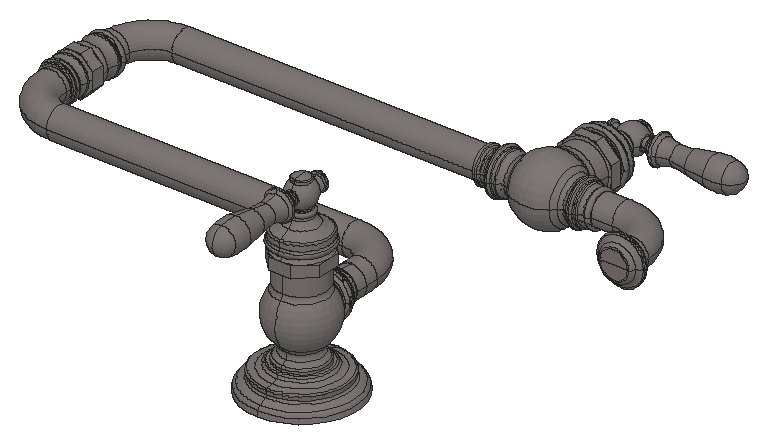
Revit family "Faucet-Wall_Mount-KOHLER-Artifacts-K-99270", category Plumbing Fixtures, host Face, Revit 2022 (continued)
Definition of nested family "K-99270"
  Lines and regions (mm)
    Masking region 3
      outline origin (0, 0, 0) x (0, 1, 0) y (0, 0, 1)
        loop
          arc (128.141, 55.537) -> (129.041, 55.292) -> (129.957, 55.114) r 12.588
          arc (129.957, 55.114) -> (130.92, 55.023) -> (131.887, 55.047) r 8.068
          arc (131.887, 55.047) -> (133.955, 56.595) -> (135.355, 58.766) r 7.311
          arc (135.355, 58.766) -> (135.537, 59.15) -> (135.932, 59.305) r 0.578
          line (135.932, 59.305) -> (136.983, 59.305)
          arc (136.983, 59.305) -> (137.363, 59.158) -> (137.547, 58.793) r 0.566
          arc (137.547, 58.793) -> (138.241, 57.33) -> (139.418, 56.218) r 4.395
          arc (139.418, 56.218) -> (140.273, 56.375) -> (141.09, 56.075) r 1.647
          arc (141.09, 56.075) -> (141.494, 55.608) -> (141.64, 55.007) r 1.312
          line (141.64, 55.007) -> (141.64, 53.806) -> (152.043, 53.806)
          arc (152.043, 53.806) -> (165.439, 64.134) -> (182.059, 60.984) r 20.648
          line (182.059, 60.984) -> (182.979, 60.984)
          arc (182.979, 60.984) -> (185.354, 59.86) -> (187.954, 59.474) r 8.951
          line (187.954, 59.474) -> (197.159, 59.474)
          arc (197.159, 59.474) -> (197.308, 60.323) -> (197.741, 61.068) r 2.456
          line (197.741, 61.068) -> (203.937, 61.068)
          arc (203.937, 61.068) -> (204.672, 60.019) -> (205.887, 59.616) r 2.035
          line (205.887, 59.616) -> (206.983, 59.616) -> (206.983, 61.265)
          arc (206.983, 61.265) -> (207.969, 62.716) -> (209.621, 62.123) r 1.433
          arc (209.621, 62.123) -> (210.152, 61.626) -> (210.856, 61.446) r 1.465
          line (210.856, 61.446) -> (214.396, 61.446)
          arc (214.396, 61.446) -> (214.906, 61.241) -> (215.132, 60.74) r 0.736
          arc (215.132, 60.74) -> (217.876, 55.494) -> (222.259, 51.514) r 16.924
          arc (222.259, 51.514) -> (222.679, 51.266) -> (223.157, 51.171) r 1.456
          arc (223.157, 51.171) -> (223.837, 51.318) -> (224.371, 51.763) r 1.456
          arc (224.371, 51.763) -> (225.726, 51.952) -> (226.465, 50.8) r 1.268
          line (226.465, 50.8) -> (226.465, 49.53) -> (227.449, 49.53)
          arc (227.449, 49.53) -> (234.66, 53.349) -> (242.175, 50.167) r 9.503
          line (242.175, 50.167) -> (243.287, 50.167)
          arc (243.287, 50.167) -> (244.031, 48.922) -> (244.586, 47.582) r 9.962
          arc (244.586, 47.582) -> (245.061, 45.221) -> (244.956, 42.815) r 9.962
          arc (244.956, 42.815) -> (244.55, 41.148) -> (243.902, 39.56) r 11.585
          arc (243.902, 39.56) -> (243.574, 39.063) -> (243.077, 38.735) r 1.491
          arc (243.077, 38.735) -> (234.449, 34.372) -> (226.465, 39.825) r 9.503
          line (226.465, 39.825) -> (226.465, 38.1)
          arc (226.465, 38.1) -> (225.726, 36.948) -> (224.371, 37.137) r 1.268
          arc (224.371, 37.137) -> (223.837, 37.582) -> (223.157, 37.729) r 1.456
          arc (223.157, 37.729) -> (222.679, 37.634) -> (222.259, 37.386) r 1.456
          arc (222.259, 37.386) -> (217.876, 33.406) -> (215.132, 28.16) r 16.924
          arc (215.132, 28.16) -> (214.939, 27.693) -> (214.491, 27.461) r 0.736
          line (214.491, 27.461) -> (211.37, 27.461)
          arc (211.37, 27.461) -> (210.392, 27.478) -> (209.621, 26.876) r 1.465
          arc (209.621, 26.876) -> (207.969, 26.284) -> (206.983, 27.734) r 1.433
          line (206.983, 27.734) -> (206.983, 29.284) -> (205.887, 29.284)
          arc (205.887, 29.284) -> (204.672, 28.881) -> (203.937, 27.832) r 2.035
          line (203.937, 27.832) -> (203.937, 26.945) -> (197.778, 26.945) -> (197.778, 27.79)
          arc (197.778, 27.79) -> (197.318, 28.551) -> (197.159, 29.426) r 2.456
          line (197.159, 29.426) -> (187.954, 29.426)
          arc (187.954, 29.426) -> (185.679, 29.132) -> (183.553, 28.269) r 8.951
          arc (183.553, 28.269) -> (166.12, 23.821) -> (151.817, 34.734) r 20.648
          line (151.817, 34.734) -> (141.64, 34.734) -> (141.64, 33)
          arc (141.64, 33) -> (140.502, 31.752) -> (138.912, 32.32) r 1.524
          arc (138.912, 32.32) -> (138.058, 31.319) -> (137.547, 30.107) r 4.317
          arc (137.547, 30.107) -> (137.4, 29.744) -> (137.04, 29.594) r 0.507
          line (137.04, 29.594) -> (135.857, 29.594)
          arc (135.857, 29.594) -> (135.488, 29.754) -> (135.355, 30.134) r 0.503
          arc (135.355, 30.134) -> (134.542, 31.624) -> (133.376, 32.857) r 6.592
          arc (133.376, 32.857) -> (131.288, 33.079) -> (129.2, 32.857) r 9.919
          arc (129.2, 32.857) -> (128.408, 32.652) -> (127.635, 32.382) r 9.919
          arc (127.635, 32.382) -> (126.064, 32.127) -> (124.532, 32.554) r 3.706
          arc (124.532, 32.554) -> (123.782, 33.037) -> (123.125, 33.638) r 5.297
          arc (123.125, 33.638) -> (122.733, 32.455) -> (122.229, 31.314) r 12.95
          line (122.229, 31.314) -> (115.024, 31.314) -> (114.129, 33.302) -> (114.039, 34.106) -> (113.147, 34.106)
          arc (113.147, 34.106) -> (113.113, 33.025) -> (112.392, 32.218) r 1.582
          arc (112.392, 32.218) -> (111.949, 32.133) -> (111.537, 32.313) r 0.758
          arc (111.537, 32.313) -> (109.53, 32.993) -> (107.412, 32.967) r 6.283
          arc (107.412, 32.967) -> (106.318, 32.713) -> (105.299, 32.239) r 5.433
          line (105.299, 32.239) -> (104.555, 31.818)
          arc (104.555, 31.818) -> (104.036, 31.865) -> (103.674, 32.24) r 0.747
          arc (103.674, 32.24) -> (103.412, 32.578) -> (103.022, 32.749) r 0.867
          line (103.022, 32.749) -> (101.449, 32.749)
          arc (101.449, 32.749) -> (101.028, 32.889) -> (100.773, 33.252) r 0.706
          line (100.773, 33.252) -> (100.773, 34.768) -> (31.558, 34.768) -> (31.558, 35.581)
          arc (31.558, 35.581) -> (31.331, 34.95) -> (30.716, 34.683) r 0.844
          line (30.716, 34.683) -> (29.9, 34.683)
          arc (29.9, 34.683) -> (29.029, 34.609) -> (28.182, 34.389) r 5.175
          arc (28.182, 34.389) -> (27.605, 34.146) -> (27.061, 33.835) r 5.175
          arc (27.061, 33.835) -> (26.356, 33.003) -> (25.691, 32.138) r 22.846
          arc (25.691, 32.138) -> (25.426, 31.804) -> (25.018, 31.677) r 0.721
          line (25.018, 31.677) -> (23.806, 31.677)
          arc (23.806, 31.677) -> (23.396, 31.539) -> (23.153, 31.181) r 0.677
          arc (23.153, 31.181) -> (22.135, 30.143) -> (20.711, 30.434) r 1.52
          arc (20.711, 30.434) -> (19.687, 31.436) -> (18.355, 31.964) r 3.63
          arc (18.355, 31.964) -> (17.425, 31.974) -> (16.543, 31.677) r 2.785
          line (16.543, 31.677) -> (15.63, 30.589)
          arc (15.63, 30.589) -> (14.437, 29.247) -> (13.168, 27.977) r 31.086
          arc (13.168, 27.977) -> (12.196, 26.681) -> (11.712, 25.134) r 4.78
          arc (11.712, 25.134) -> (11.897, 23.185) -> (12.916, 21.513) r 4.355
          arc (12.916, 21.513) -> (13.873, 20.6) -> (14.89, 19.753) r 19.503
          arc (14.89, 19.753) -> (15.304, 19.22) -> (15.412, 18.553) r 1.366
          line (15.412, 18.553) -> (15.412, 17.12) -> (17.486, 17.12)
          arc (17.486, 17.12) -> (17.955, 16.962) -> (18.235, 16.553) r 0.779
          arc (18.235, 16.553) -> (18.449, 16.061) -> (18.787, 15.645) r 1.984
          arc (18.787, 15.645) -> (20.457, 14.305) -> (22.424, 13.46) r 7.929
          arc (22.424, 13.46) -> (24.629, 12.928) -> (26.865, 12.545) r 33.832
          arc (26.865, 12.545) -> (27.388, 12.25) -> (27.566, 11.677) r 0.813
          line (27.566, 11.677) -> (27.103, 9.053)
          arc (27.103, 9.053) -> (27.297, 8.177) -> (28.053, 7.696) r 1.171
          arc (28.053, 7.696) -> (30.406, 6.641) -> (32.546, 5.205) r 15.211
          arc (32.546, 5.205) -> (33.887, 2.76) -> (34.281, 0) r 7.789
          line (34.281, 0) -> (-34.281, 0)
          arc (-34.281, 0) -> (-33.887, 2.76) -> (-32.546, 5.205) r 7.789
          arc (-32.546, 5.205) -> (-30.406, 6.641) -> (-28.053, 7.696) r 15.211
          arc (-28.053, 7.696) -> (-27.297, 8.177) -> (-27.103, 9.053) r 1.171
          line (-27.103, 9.053) -> (-27.566, 11.677)
          arc (-27.566, 11.677) -> (-27.388, 12.25) -> (-26.865, 12.545) r 0.813
          arc (-26.865, 12.545) -> (-24.629, 12.928) -> (-22.424, 13.46) r 33.832
          arc (-22.424, 13.46) -> (-20.457, 14.305) -> (-18.787, 15.645) r 7.929
          arc (-18.787, 15.645) -> (-18.449, 16.061) -> (-18.235, 16.553) r 1.984
          arc (-18.235, 16.553) -> (-17.955, 16.962) -> (-17.486, 17.12) r 0.779
          line (-17.486, 17.12) -> (-15.412, 17.12) -> (-15.412, 18.553)
          arc (-15.412, 18.553) -> (-15.304, 19.22) -> (-14.89, 19.753) r 1.366
          arc (-14.89, 19.753) -> (-13.873, 20.6) -> (-12.916, 21.513) r 19.503
          arc (-12.916, 21.513) -> (-11.897, 23.185) -> (-11.712, 25.134) r 4.355
          arc (-11.712, 25.134) -> (-12.196, 26.681) -> (-13.168, 27.977) r 4.78
          arc (-13.168, 27.977) -> (-14.437, 29.247) -> (-15.63, 30.589) r 31.086
          line (-15.63, 30.589) -> (-16.543, 31.677)
          arc (-16.543, 31.677) -> (-19.367, 36.404) -> (-20.565, 41.778) r 17.322
          arc (-20.565, 41.778) -> (-19.553, 50.159) -> (-15.654, 57.648) r 23.59
          arc (-15.654, 57.648) -> (-15.175, 58.891) -> (-15.012, 60.214) r 5.448
          line (-15.012, 60.214) -> (-15.012, 72.362) -> (-17.076, 72.362) -> (-17.076, 78.953)
          arc (-17.076, 78.953) -> (-16.17, 79.46) -> (-15.488, 80.242) r 3.031
          arc (-15.488, 80.242) -> (-15.236, 80.823) -> (-15.15, 81.45) r 2.33
          line (-15.15, 81.45) -> (-15.15, 82.644) -> (-16.792, 82.644)
          arc (-16.792, 82.644) -> (-18.108, 83.483) -> (-17.905, 85.031) r 1.453
          arc (-17.905, 85.031) -> (-17.513, 85.461) -> (-17.087, 85.857) r 7.117
          arc (-17.087, 85.857) -> (-16.997, 86.256) -> (-16.967, 86.663) r 2.758
          line (-16.967, 86.663) -> (-16.967, 90.101)
          arc (-16.967, 90.101) -> (-16.725, 90.647) -> (-16.158, 90.834) r 0.737
          arc (-16.158, 90.834) -> (-13.698, 91.913) -> (-11.412, 93.321) r 19.389
          arc (-11.412, 93.321) -> (-10.341, 94.077) -> (-9.352, 94.937) r 12.883
          arc (-9.352, 94.937) -> (-7.98, 96.492) -> (-6.875, 98.246) r 12.883
          arc (-6.875, 98.246) -> (-6.747, 99.24) -> (-7.297, 100.078) r 1.445
          arc (-7.297, 100.078) -> (-7.46, 101.409) -> (-6.327, 102.126) r 1.254
          line (-6.327, 102.126) -> (-5.055, 102.126) -> (-5.055, 103.087)
          arc (-5.055, 103.087) -> (-5.196, 103.564) -> (-5.574, 103.888) r 0.879
    symbolic lines
      curve 1: line (241.841, -42.761, 0) -> (243.556, -44.476, 0)
    symbolic lines, detail levels medium+fine
      curve 2: line (24.262, 243.287, 0) -> (12.827, 243.287, 0)
      curve 3: line (12.827, 241.883, 0) -> (24.262, 241.883, 0)
      curve 4: line (9.736, 231.988, 0) -> (9.736, 238.155, 0)
      curve 5: line (10.424, 231.315, 0) -> (10.424, 238.827, 0)
      curve 6: line (12.947, 228.227, 0) -> (24.141, 228.227, 0)
      curve 7: line (12.194, 226.465, 0) -> (24.894, 226.465, 0)
      curve 8: line (27.2, 231.263, 0) -> (27.2, 238.879, 0)
      curve 9: line (29.491, 231.143, 0) -> (29.491, 238.999, 0)
      curve 10: line (33.29, 229.304, 0) -> (33.29, 240.838, 0)
      curve 11: line (36.549, 226.174, 0) -> (36.549, 243.968, 0)
      curve 12: line (34.835, 215.132, 0) -> (2.254, 215.132, 0)
      curve 13: line (36.218, 209.621, 0) -> (0.871, 209.621, 0)
      curve 14: line (1.73, 206.983, 0) -> (35.359, 206.983, 0)
      curve 15: line (35.593, 203.951, 0) -> (1.47, 203.951, 0)
      curve 16: line (1.47, 197.778, 0) -> (35.593, 197.778, 0)
      curve 17: line (33.569, 197.159, 0) -> (3.52, 197.159, 0)
      curve 18: line (11.465, 203.951, 0) -> (11.465, 197.778, 0)
      curve 19: line (25.599, 203.951, 0) -> (25.599, 197.778, 0)
      curve 20: line (35.079, 182.979, 0) -> (2.01, 182.979, 0)
      curve 21: line (-18.52, 180.635, 0) -> (-18.52, 159.848, 0)
      curve 22: line (-21.461, 160.75, 0) -> (-21.461, 179.734, 0)
      curve 23: line (-4.968, 182.722, 0) -> (-4.968, 157.762, 0)
      curve 24: line (42.786, 182.206, 0) -> (42.786, 158.278, 0)
      curve 25: line (48.79, 180.652, 0) -> (48.79, 159.832, 0)
      curve 26: line (51.717, 160.717, 0) -> (51.717, 179.767, 0)
      curve 27: line (100.235, 145.071, 0) -> (81.186, 144.878, 0)
      curve 28: line (101.084, 141.64, 0) -> (80.336, 141.64, 0)
      curve 29: line (76.367, 137.547, 0) -> (105.054, 137.547, 0)
      curve 30: line (76.394, 135.355, 0) -> (105.027, 135.355, 0)
      curve 31: spline (-225.392, 147.131, 0) -> (-225.72, 147.15, 0) -> (-226.674, 147.207, 0) -> (-228.188, 147.299, 0) -> (-230.16, 147.419, 0) -> (-232.456, 147.559, 0) -> (-234.919, 147.709, 0) -> (-237.382, 147.86, 0) -> (-239.677, 148, 0) -> (-241.649, 148.122, 0) -> (-243.163, 148.215, 0) -> (-244.117, 148.275, 0) -> (-244.445, 148.296, 0)
      curve 32: line (-246.499, 138.814, 0) -> (-223.346, 138.814, 0)
      curve 33: line (-246.556, 136.727, 0) -> (-223.29, 136.727, 0)
      curve 34: line (-244.443, 141.667, 0) -> (-225.393, 141.667, 0)
      curve 35: line (-245.238, 123.125, 0) -> (-224.607, 123.125, 0)
      curve 36: line (-222.222, 122.229, 0) -> (-247.622, 122.229, 0)
      curve 37: line (-240.183, 115.024, 0) -> (-240.183, 122.229, 0)
      curve 38: line (-229.662, 122.229, 0) -> (-229.662, 115.024, 0)
      curve 39: line (-224.494, 114.028, 0) -> (-245.352, 114.028, 0)
      curve 40: line (-224.575, 113.219, 0) -> (-245.271, 113.219, 0)
      curve 41: line (-247.622, 115.024, 0) -> (-222.222, 115.024, 0)
      curve 42: line (-224.122, 100.773, 0) -> (-245.724, 100.773, 0)
      curve 43: line (-246.736, 103.674, 0) -> (-223.11, 103.674, 0)
      curve 44: line (-244.443, 97.761, 0) -> (-225.393, 97.689, 0)
      curve 45: line (9.529, 46.985, 0) -> (-9.52, 46.915, 0)
      curve 46: line (-9.497, 38.696, 0) -> (9.553, 38.696, 0)
      curve 47: line (-9.497, 31.558, 0) -> (9.553, 31.558, 0)
      curve 48: line (12.473, 25.067, 0) -> (-12.219, 25.067, 0)
      curve 49: arc (-12.018, 24.81, 0) -> (-27.391, -3.244, 0) -> (-5.915, -26.953, 0) r 27.58
      curve 50: arc (-6.965, -15.502, 0) -> (-16.734, 2.873, 0) -> (-1.373, 16.912, 0) r 16.982
      curve 51: arc (1.373, 16.912, 0) -> (16.681, 3.165, 0) -> (7.503, -15.248, 0) r 16.982
      curve 52: arc (-7.42, -13.239, 0) -> (-15.112, 1.238, 0) -> (-5.142, 14.252, 0) r 15.164
      curve 53: arc (5.142, 14.252, 0) -> (15.116, 1.2, 0) -> (7.354, -13.276, 0) r 15.164
      curve 54: line (15.928, 13.293, 0) -> (12.489, 13.293, 0)
      curve 55: line (-7.039, 17.047, 0) -> (-7.434, 16.652, 0)
      curve 56: line (7.095, 17.047, 0) -> (6.477, 17.047, 0)
      curve 57: arc (2.334, 18.085, 0) -> (-17.521, 5.092, 0) -> (-7.755, -16.534, 0) r 18.25
      curve 58: arc (7.755, -16.534, 0) -> (18.03, 2.809, 0) -> (2.334, 18.085, 0) r 18.25
      curve 59: line (17.089, -7.082, 0) -> (17.089, -6.197, 0)
      curve 60: line (17.089, 7.053, 0) -> (16.621, 7.521, 0)
      curve 61: line (-17.034, 7.053, 0) -> (-17.034, 6.535, 0)
      curve 62: line (-17.034, -7.082, 0) -> (-16.667, -7.449, 0)
      curve 63: arc (0, 5.694, 0) -> (5.709, -0.014, 0) -> (0, -5.723, 0) r 5.709
      curve 64: line (-9.497, 31.558, 0) -> (-9.497, 32.94, 0)
      curve 65: line (9.553, 31.558, 0) -> (9.553, 32.924, 0)
      curve 66: arc (0, -5.723, 0) -> (-5.709, -0.014, 0) -> (0, 5.694, 0) r 5.709
      curve 67: arc (-5.915, -26.953, 0) -> (-5.77, -30.359, 0) -> (-6.313, -33.724, 0) r 16.83
      curve 68: arc (5.915, -26.953, 0) -> (5.77, -30.359, 0) -> (6.313, -33.724, 0) r 16.83
      curve 69: arc (-8.897, -18.038, 0) -> (-7.007, -22.362, 0) -> (-5.915, -26.953, 0) r 26.466
      curve 70: line (-8.897, -18.038, 0) -> (8.897, -18.038, 0)
      curve 71: arc (8.897, -18.038, 0) -> (7.007, -22.362, 0) -> (5.915, -26.953, 0) r 26.466
      curve 72: line (-5.767, -13.275, 0) -> (5.767, -13.275, 0)
      curve 73: line (-3.756, -7.873, 0) -> (3.756, -7.873, 0)
      curve 74: line (3.761, -8.541, 0) -> (-3.761, -8.541, 0)
      curve 75: line (-5.767, -14.779, 0) -> (5.767, -14.779, 0)
      curve 76: line (-3.756, 8.088, 0) -> (3.756, 8.088, 0)
      curve 77: line (-4.873, 11.531, 0) -> (4.873, 11.531, 0)
      curve 78: line (5.466, 12.29, 0) -> (-5.466, 12.29, 0)
      curve 79: line (-5.466, 13.634, 0) -> (5.466, 13.634, 0)
      curve 80: line (0, 14.725, 0) -> (-4.082, 14.725, 0)
      curve 81: line (0, 14.725, 0) -> (4.082, 14.725, 0)
      curve 82: line (13.615, 15.654, 0) -> (9.357, 15.654, 0)
      curve 83: arc (7.843, -14.157, 0) -> (15.923, 2.811, 0) -> (2.499, 15.963, 0) r 16.172
      curve 84: arc (-2.499, 15.963, 0) -> (-16.028, 2.142, 0) -> (-6.633, -14.763, 0) r 16.172
      curve 85: arc (-9.487, 29.295, 0) -> (-10.164, 27.268, 0) -> (-11.851, 25.954, 0) r 3.699
      curve 86: line (-11.822, 24.705, 0) -> (-11.822, 23.983, 0)
      curve 87: arc (-11.851, 25.954, 0) -> (-12.275, 25.319, 0) -> (-11.822, 24.705, 0) r 0.664
      curve 88: arc (-9.158, 30.969, 0) -> (-9.392, 30.146, 0) -> (-9.487, 29.295, 0) r 5.191
      curve 89: arc (-8.583, 31.558, 0) -> (-8.932, 31.324, 0) -> (-9.158, 30.969, 0) r 1.023
      curve 90: arc (-11.822, 23.983, 0) -> (-11.913, 23.765, 0) -> (-12.131, 23.675, 0) r 0.308
      curve 91: arc (-12.131, 23.675, 0) -> (-13.756, 22.319, 0) -> (-12.713, 20.477, 0) r 1.652
      curve 92: arc (-12.713, 20.477, 0) -> (-11.928, 17.877, 0) -> (-13.488, 15.654, 0) r 3.105
      curve 93: arc (-3.756, 8.088, 0) -> (-8.801, 0.107, 0) -> (-3.756, -7.873, 0) r 8.835
      curve 94: line (-5.466, 13.634, 0) -> (-5.466, 12.29, 0)
      curve 95: arc (-4.082, 14.725, 0) -> (-4.963, 14.419, 0) -> (-5.466, 13.634, 0) r 1.423
      curve 96: arc (-5.466, 12.29, 0) -> (-5.3, 11.809, 0) -> (-4.873, 11.531, 0) r 0.782
      curve 97: line (-3.756, 8.088, 0) -> (-3.756, 9.59, 0)
      curve 98: arc (-3.756, 9.59, 0) -> (-4.055, 10.71, 0) -> (-4.873, 11.531, 0) r 2.246
      curve 99: arc (-3.756, -7.873, 0) -> (-3.731, -8.3, 0) -> (-3.805, -8.72, 0) r 1.837
      curve 100: line (-3.805, -8.72, 0) -> (-3.805, -11.191, 0)
      curve 101: arc (-3.805, -11.191, 0) -> (-4.092, -12.172, 0) -> (-4.862, -12.845, 0) r 1.823
      curve 102: line (-4.862, -12.845, 0) -> (4.862, -12.845, 0)
      curve 103: arc (-5.767, -13.275, 0) -> (-5.363, -12.958, 0) -> (-4.862, -12.845, 0) r 1.168
      curve 104: line (-5.767, -13.275, 0) -> (-5.767, -14.779, 0)
      curve 105: arc (-5.767, -14.779, 0) -> (-6.932, -15.644, 0) -> (-7.899, -16.725, 0) r 7.184
      curve 106: arc (-7.899, -16.725, 0) -> (-8.565, -17.268, 0) -> (-8.876, -18.068, 0) r 1.684
      curve 107: arc (8.413, -18.964, 0) -> (20.516, -3.083, 0) -> (13.615, 15.654, 0) r 20.746
      curve 108: arc (5.915, -26.953, 0) -> (27.391, -3.244, 0) -> (12.018, 24.81, 0) r 27.58
      curve 109: arc (5.767, -14.779, 0) -> (6.932, -15.644, 0) -> (7.899, -16.725, 0) r 7.184
      curve 110: arc (7.899, -16.725, 0) -> (8.565, -17.268, 0) -> (8.876, -18.068, 0) r 1.684
      curve 111: arc (3.756, -7.873, 0) -> (3.731, -8.3, 0) -> (3.805, -8.72, 0) r 1.837
      curve 112: line (3.805, -8.72, 0) -> (3.805, -11.191, 0)
      curve 113: arc (3.805, -11.191, 0) -> (4.092, -12.172, 0) -> (4.862, -12.845, 0) r 1.823
      curve 114: arc (5.767, -13.275, 0) -> (5.363, -12.958, 0) -> (4.862, -12.845, 0) r 1.168
      curve 115: line (5.767, -13.275, 0) -> (5.767, -14.779, 0)
      curve 116: arc (3.756, 8.088, 0) -> (8.801, 0.107, 0) -> (3.756, -7.873, 0) r 8.835
      curve 117: line (5.466, 13.634, 0) -> (5.466, 12.29, 0)
      curve 118: arc (4.082, 14.725, 0) -> (4.963, 14.419, 0) -> (5.466, 13.634, 0) r 1.423
      curve 119: arc (5.466, 12.29, 0) -> (5.3, 11.809, 0) -> (4.873, 11.531, 0) r 0.782
      curve 120: line (3.756, 8.088, 0) -> (3.756, 9.59, 0)
      curve 121: arc (3.756, 9.59, 0) -> (4.055, 10.71, 0) -> (4.873, 11.531, 0) r 2.246
      curve 122: arc (-1.178, 17.047, 0) -> (-0.058, 17.408, 0) -> (1.082, 17.112, 0) r 2.105
      curve 123: arc (-3.027, 15.397, 0) -> (-2.158, 16.284, 0) -> (-1.178, 17.047, 0) r 9.317
      curve 124: arc (-4.082, 14.725, 0) -> (-3.505, 14.983, 0) -> (-3.027, 15.397, 0) r 2.155
      curve 125: arc (3.027, 15.397, 0) -> (2.114, 16.322, 0) -> (1.082, 17.112, 0) r 9.317
      curve 126: arc (4.082, 14.725, 0) -> (3.505, 14.983, 0) -> (3.027, 15.397, 0) r 2.155
      curve 127: arc (9.487, 29.295, 0) -> (10.164, 27.268, 0) -> (11.851, 25.954, 0) r 3.699
      curve 128: line (11.822, 24.705, 0) -> (11.822, 23.983, 0)
      curve 129: arc (11.851, 25.954, 0) -> (12.275, 25.319, 0) -> (11.822, 24.705, 0) r 0.664
      curve 130: arc (9.158, 30.969, 0) -> (9.392, 30.146, 0) -> (9.487, 29.295, 0) r 5.191
      curve 131: arc (8.583, 31.558, 0) -> (8.932, 31.324, 0) -> (9.158, 30.969, 0) r 1.023
      curve 132: arc (11.822, 23.983, 0) -> (11.913, 23.765, 0) -> (12.131, 23.675, 0) r 0.308
      curve 133: arc (12.131, 23.675, 0) -> (13.756, 22.319, 0) -> (12.713, 20.477, 0) r 1.652
      curve 134: arc (12.713, 20.477, 0) -> (11.928, 17.877, 0) -> (13.488, 15.654, 0) r 3.105
      curve 135: arc (-13.615, 15.654, 0) -> (-20.516, -3.083, 0) -> (-8.413, -18.964, 0) r 20.746
      curve 136: line (-17.034, -6.564, 0) -> (-17.034, -7.082, 0)
      curve 137: line (16.621, -7.55, 0) -> (17.089, -7.082, 0)
      curve 138: line (7.535, 16.607, 0) -> (7.095, 17.047, 0)
      curve 139: line (-6.477, 17.047, 0) -> (-7.039, 17.047, 0)
      curve 140: line (-16.667, 7.42, 0) -> (-17.034, 7.053, 0)
      curve 141: line (17.089, 6.389, 0) -> (17.089, 7.053, 0)
      curve 142: line (-12.489, 13.293, 0) -> (-15.849, 13.293, 0)
      curve 143: line (-9.357, 15.654, 0) -> (-13.488, 15.654, 0)
      curve 144: arc (100.235, 0, 44.281) -> (97.375, 0, 51.086) -> (90.511, 0, 53.804) r 9.525
      curve 145: arc (90.71, 0, 34.756) -> (97.446, 0, 37.546) -> (100.235, 0, 44.281) r 9.525
      curve 146: line (11.465, 0, 26.945) -> (16.112, 0, 26.945)
      curve 147: arc (0.353, 0, 31.693) -> (-1.719, 0, 31.802) -> (-3.743, 0, 32.254) r 12.445
      curve 148: arc (-4.968, 0, 56.713) -> (-1.696, 0, 57.545) -> (1.681, 0, 57.539) r 13.516
      curve 149: arc (1.38, 0, 30.69) -> (-1.846, 0, 30.74) -> (-4.968, 0, 31.552) r 13.516
      curve 150: arc (-3.967, 0, 55.938) -> (-1.735, 0, 56.46) -> (0.554, 0, 56.564) r 12.445
      curve 151: arc (-244.433, 0, 44.71) -> (-241.342, 0, 51.313) -> (-234.488, 0, 53.796) r 9.525
      curve 152: arc (-232.816, 0, 34.756) -> (-241.126, 0, 36.814) -> (-244.433, 0, 44.71) r 9.533
      curve 153: line (0, 0, 117.594) -> (5.675, 0, 117.594)
      curve 154: arc (5.042, 0, 103.411) -> (8.888, 0, 110.344) -> (5.675, 0, 117.594) r 8.897
      curve 155: arc (-5.675, 0, 117.594) -> (-8.889, 0, 110.362) -> (-5.07, 0, 103.43) r 8.897
      curve 156: line (-5.709, 0, 117.594) -> (0, 0, 117.594)
      curve 157: arc (0, 0, 105.868) -> (4.873, 0, 110.741) -> (0, 0, 115.614) r 4.873
      curve 158: arc (0, 0, 106.659) -> (4.082, 0, 110.741) -> (0, 0, 114.824) r 4.082
      curve 159: arc (0, 0, 114.824) -> (-4.082, 0, 110.741) -> (0, 0, 106.659) r 4.082
      curve 160: arc (0, 0, 115.614) -> (-4.873, 0, 110.741) -> (0, 0, 105.868) r 4.873
      curve 161: line (5.709, 0, 118.998) -> (-5.709, 0, 118.998)
      curve 162: line (5.709, 0, 118.998) -> (5.709, 0, 117.566)
      curve 163: line (-5.709, 0, 118.998) -> (-5.709, 0, 117.594)
      curve 164: line (5.674, 0, 103.888) -> (-5.674, 0, 103.888)
      curve 165: line (-4.01, 0, 102.126) -> (4.01, 0, 102.126)
      curve 166: line (0, 0, 82.644) -> (16.806, 0, 82.644)
      curve 167: line (-16.806, 0, 82.644) -> (0, 0, 82.644)
      curve 168: line (17.089, 0, 79.165) -> (-17.034, 0, 79.165)
      curve 169: line (-17.034, 0, 72.362) -> (17.089, 0, 72.362)
      curve 170: line (48.79, 0, 54.463) -> (48.79, 0, 51.074)
      curve 171: line (42.786, 0, 56.017) -> (42.786, 0, 51.061)
      curve 172: line (36.549, 0, 52.752) -> (36.549, 0, 34.958)
      curve 173: line (7.095, 0, 72.362) -> (7.095, 0, 79.165)
      curve 174: line (-7.039, 0, 72.362) -> (-7.039, 0, 79.165)
      curve 175: line (16.172, 0, 90.834) -> (-16.172, 0, 90.834)
      curve 176: line (16.981, 0, 86.663) -> (-16.981, 0, 86.663)
      curve 177: line (-4.968, 0, 56.713) -> (-4.968, 0, 31.552)
      curve 178: line (-18.52, 0, 54.447) -> (-18.52, 0, 34.374)
      curve 179: line (-21.461, 0, 34.756) -> (-21.461, 0, 53.824)
      curve 180: line (27.58, 0, 11.677) -> (-27.58, 0, 11.677)
      curve 181: line (-18.25, 0, 16.553) -> (18.25, 0, 16.553)
      curve 182: line (15.445, 0, 17.12) -> (-15.445, 0, 17.12)
      curve 183: line (33.29, 0, 49.622) -> (33.29, 0, 37.527)
      curve 184: line (29.491, 0, 47.63) -> (29.491, 0, 39.926)
      curve 185: line (27.2, 0, 47.63) -> (27.2, 0, 40.08)
      curve 186: arc (24.262, 0, 44.45) -> (18.544, 0, 50.167) -> (12.827, 0, 44.45) r 5.717
      curve 187: arc (12.827, 0, 44.45) -> (18.544, 0, 38.733) -> (24.262, 0, 44.45) r 5.717
      curve 188: line (10.424, 0, 47.034) -> (10.424, 0, 40.675)
      curve 189: line (9.736, 0, 46.938) -> (9.736, 0, 40.771)
      curve 190: arc (78.522, 0, 34.834) -> (81.704, 0, 35.532) -> (84.642, 0, 36.939) r 14.122
      curve 191: arc (84.338, 0, 37.202) -> (88.414, 0, 44.281) -> (84.338, 0, 51.36) r 8.185
      curve 192: arc (78.522, 0, 53.272) -> (81.704, 0, 52.575) -> (84.642, 0, 51.167) r 14.122
      curve 193: arc (78.522, 0, 53.272) -> (73.15, 0, 53.541) -> (67.777, 0, 53.272) r 53.755
      curve 194: arc (67.777, 0, 53.272) -> (58.275, 0, 52.245) -> (48.79, 0, 51.074) r 630.372
      curve 195: arc (48.79, 0, 51.074) -> (42.557, 0, 51.092) -> (36.549, 0, 52.752) r 23.442
      curve 196: arc (36.549, 0, 52.752) -> (34.253, 0, 51.881) -> (33.29, 0, 49.622) r 3.133
      curve 197: line (33.291, 0, 49.677) -> (31.538, 0, 49.677)
      curve 198: arc (31.538, 0, 49.677) -> (30.728, 0, 48.439) -> (29.491, 0, 47.63) r 3.609
      curve 199: line (29.491, 0, 47.63) -> (26.934, 0, 47.63)
      curve 200: arc (26.934, 0, 47.63) -> (18.486, 0, 52.689) -> (10.424, 0, 47.034) r 9.045
      curve 201: arc (10.424, 0, 47.034) -> (10.108, 0, 46.788) -> (9.736, 0, 46.938) r 0.401
      curve 202: arc (9.736, 0, 46.938) -> (7.996, 0, 47.395) -> (6.73, 0, 48.673) r 3.409
      curve 203: arc (6.73, 0, 48.673) -> (6.27, 0, 49.162) -> (5.635, 0, 49.379) r 1.396
      curve 204: line (5.635, 0, 49.379) -> (4.43, 0, 49.379)
      curve 205: arc (67.777, 0, 34.636) -> (58.275, 0, 35.663) -> (48.79, 0, 36.834) r 630.372
      curve 206: arc (48.79, 0, 36.834) -> (42.557, 0, 36.816) -> (36.549, 0, 35.156) r 23.442
      curve 207: arc (36.549, 0, 34.958) -> (34.273, 0, 35.809) -> (33.291, 0, 38.033) r 3.133
      curve 208: line (33.291, 0, 38.033) -> (31.538, 0, 38.033)
      curve 209: arc (31.538, 0, 38.033) -> (30.728, 0, 39.27) -> (29.491, 0, 40.08) r 3.609
      curve 210: line (29.491, 0, 40.08) -> (26.934, 0, 40.08)
      curve 211: arc (26.934, 0, 40.08) -> (18.486, 0, 35.02) -> (10.424, 0, 40.675) r 9.045
      curve 212: arc (10.424, 0, 40.675) -> (10.108, 0, 40.922) -> (9.736, 0, 40.771) r 0.401
      curve 213: arc (9.736, 0, 40.771) -> (8.659, 0, 40.609) -> (7.689, 0, 40.115) r 3.409
      curve 214: line (6.429, 0, 38.43) -> (4.43, 0, 38.43)
      curve 215: arc (7.689, 0, 40.115) -> (6.933, 0, 39.367) -> (6.429, 0, 38.43) r 3.587
      curve 216: line (48.79, 0, 36.834) -> (48.79, 0, 33.643)
      curve 217: line (42.786, 0, 36.846) -> (42.786, 0, 32.089)
      curve 218: arc (2.485, 0, 47.18) -> (16.642, 0, 60.629) -> (33.533, 0, 50.83) r 16.29
      curve 219: arc (33.29, 0, 37.527) -> (17.235, 0, 28.213) -> (2.88, 0, 39.98) r 16.29
      curve 220: arc (0.871, 0, 44.45) -> (5.215, 0, 32.845) -> (16.112, 0, 26.945) r 17.673
      curve 221: arc (2.003, 0, 46.561) -> (16.097, 0, 60.945) -> (33.76, 0, 51.272) r 16.675
      curve 222: arc (2.532, 0, 40.327) -> (16.751, 0, 28.013) -> (33.29, 0, 36.971) r 16.534
      curve 223: line (25.599, 0, 26.945) -> (28.506, 0, 29.851)
      curve 224: line (25.599, 0, 61.068) -> (24.56, 0, 61.068)
      curve 225: line (11.465, 0, 61.068) -> (10.668, 0, 60.271)
      curve 226: line (1.47, 0, 51.074) -> (1.47, 0, 49.013)
      curve 227: line (1.47, 0, 36.939) -> (4, 0, 34.409)
      curve 228: line (26.372, 0, 60.295) -> (25.599, 0, 61.068)
      curve 229: line (12.529, 0, 61.068) -> (11.465, 0, 61.068)
      curve 230: line (2.724, 0, 52.327) -> (1.47, 0, 51.074)
      curve 231: line (1.47, 0, 39.887) -> (1.47, 0, 36.939)
      curve 232: arc (16.112, 0, 26.945) -> (18.544, 0, 26.777) -> (20.976, 0, 26.945) r 17.673
      curve 233: line (8.504, 0, 29.906) -> (11.465, 0, 26.945)
      curve 234: arc (20.976, 0, 26.945) -> (24.909, 0, 27.963) -> (28.506, 0, 29.851) r 17.673
      curve 235: arc (28.506, 0, 29.851) -> (31.657, 0, 32.601) -> (34.075, 0, 36.014) r 17.673
      curve 236: line (20.976, 0, 26.945) -> (25.599, 0, 26.945)
      curve 237: arc (34.485, 0, 52.083) -> (14.631, 0, 61.685) -> (0.871, 0, 44.45) r 17.673
      curve 238: arc (-4.968, 0, 56.514) -> (-1.516, 0, 55.652) -> (1.485, 0, 57.563) r 4.505
      curve 239: arc (1.681, 0, 57.539) -> (7.516, 0, 62.733) -> (15.099, 0, 64.609) r 16.269
      curve 240: arc (-4.968, 0, 31.592) -> (-1.201, 0, 32.392) -> (1.807, 0, 29.988) r 4.505
      curve 241: arc (1.807, 0, 29.988) -> (6.025, 0, 26.013) -> (11.638, 0, 24.568) r 11.624
      curve 242: line (-4.968, 0, 56.514) -> (-8.315, 0, 56.514)
      curve 243: arc (-8.315, 0, 56.514) -> (-9.056, 0, 56.798) -> (-9.418, 0, 57.503) r 1.109
      curve 244: arc (-9.418, 0, 57.503) -> (-10.458, 0, 57.864) -> (-11.179, 0, 57.031) r 0.982
      curve 245: arc (-11.179, 0, 57.031) -> (-11.966, 0, 55.27) -> (-13.612, 0, 54.265) r 3.249
      curve 246: arc (-13.612, 0, 54.265) -> (-15.824, 0, 53.875) -> (-18.069, 0, 53.806) r 15.608
      curve 247: line (-4.968, 0, 31.691) -> (-8.315, 0, 31.691)
      curve 248: arc (-8.315, 0, 31.691) -> (-9.056, 0, 31.408) -> (-9.418, 0, 30.702) r 1.109
      curve 249: arc (-9.418, 0, 30.702) -> (-10.458, 0, 30.342) -> (-11.179, 0, 31.174) r 0.982
      curve 250: arc (-11.179, 0, 31.174) -> (-11.966, 0, 32.936) -> (-13.612, 0, 33.941) r 3.249
      curve 251: arc (-13.612, 0, 33.941) -> (-16.049, 0, 34.352) -> (-18.52, 0, 34.374) r 15.608
      curve 252: arc (2.518, 0, 28.984) -> (-3.459, 0, 29.286) -> (-9.056, 0, 31.408) r 19.273
      curve 253: arc (79.796, 0, 34.735) -> (105.211, 0, 44.296) -> (79.776, 0, 53.804) r 14.5
      curve 254: line (79.158, 0, 53.804) -> (90.909, 0, 53.804)
      curve 255: line (79.46, 0, 34.735) -> (91.001, 0, 34.735)
      curve 256: line (4.43, 0, 49.379) -> (2.442, 0, 47.133)
      curve 257: arc (2.442, 0, 47.133) -> (1.158, 0, 44.048) -> (2.035, 0, 40.825) r 5.155
      curve 258: line (4.43, 0, 38.43) -> (2.035, 0, 40.825)
      curve 259: arc (-5.709, 0, 117.998) -> (-9.224, 0, 110.348) -> (-5.07, 0, 103.025) r 9.233
      curve 260: line (5.042, 0, 102.687) -> (5.042, 0, 103.888)
      curve 261: line (-5.07, 0, 102.704) -> (-5.07, 0, 103.888)
      curve 262: arc (5.042, 0, 103.007) -> (9.224, 0, 110.331) -> (5.709, 0, 117.998) r 9.233
      curve 263: line (-226.787, 0, 53.806) -> (-235.311, 0, 53.806)
      curve 264: line (-226.27, 0, 34.756) -> (-232.816, 0, 34.756)
      curve 265: arc (-226.787, 0, 53.806) -> (-247.619, 0, 43.708) -> (-226.27, 0, 34.756) r 12.701
      curve 266: arc (-227.658, 0, 53.806) -> (-246.95, 0, 43.669) -> (-227.062, 0, 34.756) r 12.116
      curve 267: arc (0, 166.65, 53.806) -> (0, 176.187, 52.578) -> (0, 180.635, 44.053) r 10.393
      curve 268: arc (0, 180.635, 44.053) -> (0, 175.728, 35.225) -> (0, 165.639, 34.734) r 10.393
      curve 269: line (0, 242.175, 50.167) -> (0, 242.175, 41.303)
      curve 270: line (0, 243.287, 50.167) -> (0, 243.287, 38.832)
      curve 271: line (0, 242.175, 41.303) -> (0, 242.175, 40.416)
      curve 272: circle (0, 235.071, 43.855) r 5.065 normal (1, 0, 0)
      curve 273: line (0, 226.465, 49.53) -> (0, 226.465, 39.825)
      curve 274: line (0, 226.465, 39.825) -> (0, 227.304, 39.825)
      curve 275: arc (0, 242.629, 50.167) -> (0, 234.669, 53.694) -> (0, 227.024, 49.53) r 9.847
      curve 276: line (0, 227.449, 49.53) -> (0, 227.449, 44.003)
      curve 277: line (0, 243.287, 38.832) -> (0, 242.492, 38.832)
      curve 278: arc (0, 242.175, 49.757) -> (0, 234.641, 53.08) -> (0, 227.449, 49.07) r 9.235
      curve 279: arc (0, 226.761, 39.825) -> (0, 234.501, 34.637) -> (0, 242.821, 38.832) r 9.235
      curve 280: arc (0, 226.465, 39.07) -> (0, 235.011, 34.008) -> (0, 243.618, 38.965) r 9.847
      curve 281: line (0, 215.132, 60.74) -> (0, 215.132, 28.16)
      curve 282: line (0, 209.621, 62.123) -> (0, 209.621, 26.876)
      curve 283: line (0, 206.983, 59.616) -> (0, 206.983, 29.284)
      curve 284: line (0, 203.937, 61.068) -> (0, 203.937, 27.175)
      curve 285: line (0, 197.741, 61.068) -> (0, 197.741, 27.832)
      curve 286: line (0, 197.159, 59.474) -> (0, 197.159, 29.426)
      curve 287: line (0, 203.937, 50.167) -> (0, 197.741, 50.167)
      curve 288: line (0, 203.937, 37.947) -> (0, 197.741, 37.947)
      curve 289: line (0, 182.979, 60.984) -> (0, 182.979, 50.029)
      curve 290: line (0, 152.043, 53.806) -> (0, 171.093, 53.806)
      curve 291: line (0, 151.817, 34.734) -> (0, 171.093, 34.734)
      curve 292: line (0, 182.979, 38.077) -> (0, 182.979, 27.802)
      curve 293: arc (0, 159.701, 34.734) -> (0, 184.308, 43.758) -> (0, 160.102, 53.806) r 14.069
      curve 294: spline (0, 148.296, 44.282) -> (0, 148.293, 45.542) -> (0, 148.28, 46.78) -> (0, 148.257, 47.973) -> (0, 148.225, 49.102) -> (0, 148.184, 50.146) -> (0, 148.134, 51.087) -> (0, 148.077, 51.908) -> (0, 148.014, 52.596) -> (0, 147.946, 53.137) -> (0, 147.873, 53.524) -> (0, 147.798, 53.748) -> (0, 147.721, 53.806)
      curve 295: spline (0, 147.709, 34.754) -> (0, 147.785, 34.835) -> (0, 147.86, 35.078) -> (0, 147.932, 35.479) -> (0, 148, 36.03) -> (0, 148.064, 36.722) -> (0, 148.122, 37.543) -> (0, 148.172, 38.48) -> (0, 148.215, 39.516) -> (0, 148.249, 40.634) -> (0, 148.275, 41.815) -> (0, 148.29, 43.038) -> (0, 148.296, 44.282)
      curve 296: line (0, 141.667, 33.239) -> (0, 141.667, 53.812)
      curve 297: line (0, 138.814, 32.194) -> (0, 138.814, 55.63)
      curve 298: line (0, 136.727, 55.686) -> (0, 136.727, 32.711)
      curve 299: line (0, 137.547, 30.107) -> (0, 137.547, 32.946)
      curve 300: line (0, 138.09, 55.362) -> (0, 137.196, 55.362)
      curve 301: arc (0, 138.814, 55.63) -> (0, 138.476, 55.431) -> (0, 138.09, 55.362) r 1.111
      curve 302: arc (0, 137.196, 55.362) -> (0, 136.911, 55.451) -> (0, 136.727, 55.686) r 0.501
      curve 303: arc (0, 139.418, 56.218) -> (0, 139.125, 55.914) -> (0, 138.814, 55.63) r 6.645
      curve 304: line (0, 135.355, 30.134) -> (0, 135.355, 32.27)
      curve 305: arc (0, 136.727, 55.686) -> (0, 136.073, 55.99) -> (0, 135.355, 55.928) r 1.399
      curve 306: arc (0, 135.355, 55.928) -> (0, 133.642, 55.402) -> (0, 131.887, 55.047) r 18.282
      curve 307: line (0, 137.547, 55.362) -> (0, 137.547, 58.793)
      curve 308: line (0, 135.355, 55.928) -> (0, 135.355, 58.766)
      curve 309: arc (0, 135.355, 32.27) -> (0, 133.787, 32.729) -> (0, 132.184, 33.046) r 18.282
      curve 310: line (0, 137.996, 33.041) -> (0, 137.113, 33.041)
      curve 311: arc (0, 138.814, 32.194) -> (0, 138.585, 32.791) -> (0, 137.996, 33.041) r 0.819
      curve 312: arc (0, 137.113, 33.041) -> (0, 136.816, 32.904) -> (0, 136.727, 32.59) r 0.391
      curve 313: arc (0, 136.727, 32.59) -> (0, 136.19, 31.793) -> (0, 135.355, 32.27) r 0.706
      curve 314: line (0, 123.125, 54.369) -> (0, 123.125, 33.638)
      curve 315: line (0, 122.229, 56.754) -> (0, 122.229, 31.314)
      curve 316: line (0, 122.229, 49.253) -> (0, 115.024, 49.253)
      curve 317: line (0, 115.024, 56.754) -> (0, 115.024, 31.352)
      curve 318: line (0, 114.028, 53.801) -> (0, 114.028, 34.048)
      curve 319: line (0, 113.219, 53.801) -> (0, 113.219, 33.767)
      curve 320: line (0, 122.229, 38.732) -> (0, 115.024, 38.732)
      curve 321: line (0, 103.674, 55.866) -> (0, 103.674, 32.24)
      curve 322: line (0, 100.773, 53.81) -> (0, 100.773, 34.768)
      curve 323: line (0, 98.302, 53.81) -> (0, 98.302, 34.768)
      curve 324: line (0, 31.558, 52.861) -> (0, 31.558, 34.768)
      curve 325: line (0, 38.67, 53.806) -> (0, 38.67, 34.756)
      curve 326: line (0, 46.932, 53.81) -> (0, 46.932, 34.768)
      curve 327: line (0, 25.067, 56.578) -> (0, 25.067, 31.687)
      curve 328: line (0, 15.654, 57.648) -> (0, 15.654, 30.617)
      curve 329: line (0, 13.293, 60.006) -> (0, 13.293, 28.256)
      curve 330: line (0, 27.566, 11.677) -> (0, -27.595, 11.677)
      curve 331: line (0, 18.235, 16.553) -> (0, -18.264, 16.553)
      curve 332: line (0, -17.514, 17.12) -> (0, 17.486, 17.12)
      curve 333: line (0, -17.076, 72.362) -> (0, 17.047, 72.362)
      curve 334: line (0, 17.047, 79.165) -> (0, -17.076, 79.165)
      curve 335: line (0, -16.821, 82.644) -> (0, 16.792, 82.644)
      curve 336: line (0, 16.967, 86.663) -> (0, -16.996, 86.663)
      curve 337: line (0, 7.053, 72.362) -> (0, 7.053, 79.165)
      curve 338: line (0, -7.082, 72.362) -> (0, -7.082, 79.165)
      curve 339: line (0, 16.158, 90.834) -> (0, -16.186, 90.834)
      curve 340: line (0, -6.356, 102.126) -> (0, 6.327, 102.126)
      curve 341: line (0, -5.603, 103.888) -> (0, 5.574, 103.888)
      curve 342: line (0, -7.873, 114.961) -> (0, -7.873, 106.521)
      curve 343: line (0, -8.541, 114.547) -> (0, -8.541, 106.936)
      curve 344: line (0, -5.723, 117.594) -> (0, 5.694, 117.594)
      curve 345: line (0, 5.694, 118.998) -> (0, -5.723, 118.998)
      curve 346: line (0, 8.088, 114.497) -> (0, 8.088, 106.985)
      curve 347: line (0, 14.725, 114.824) -> (0, 14.725, 106.659)
      curve 348: line (0, 13.634, 116.207) -> (0, 13.634, 105.275)
      curve 349: line (0, 11.531, 115.614) -> (0, 11.531, 105.868)
      curve 350: line (0, 12.29, 116.207) -> (0, 12.29, 105.275)
      curve 351: line (0, -14.779, 116.508) -> (0, -14.779, 104.974)
      curve 352: line (0, -18.038, 119.639) -> (0, -18.038, 101.844)
      curve 353: line (0, -13.275, 116.508) -> (0, -13.275, 104.974)
      curve 354: line (0, -12.656, 115.95) -> (0, -12.656, 105.532)
  Dimensions and locks
    aligned and locked: plane 2 to level
Types (6): name | Type | Model | Finish
  (no name) | 5 | "K-99270-DR" | Kohler-Metal-DR-Deep_Bronze
  CP- Polished Chrome | 1 | "K-99270-CP" | Kohler-Metal-CP-Polished_Chrome
  SN- Vibrant Polished Nickel | 2 | "K-99270-SN" | Kohler-Metal-SN-Vibrant_Polished_Nickel
  VS- Vibrant Stainless | 3 | "K-99270-VS" | Kohler-Metal-VS-Vibrant_Stainless
  2BZ- Oil Rubbed Bronze | 4 | "K-99270-2BZ" | Kohler-Metal-2BZ-Oil_Rubbed_Bronze
  DR-Deep Bronze | 5 | "K-99270-DR" | Kohler-Metal-DR-Deep_Bronze
